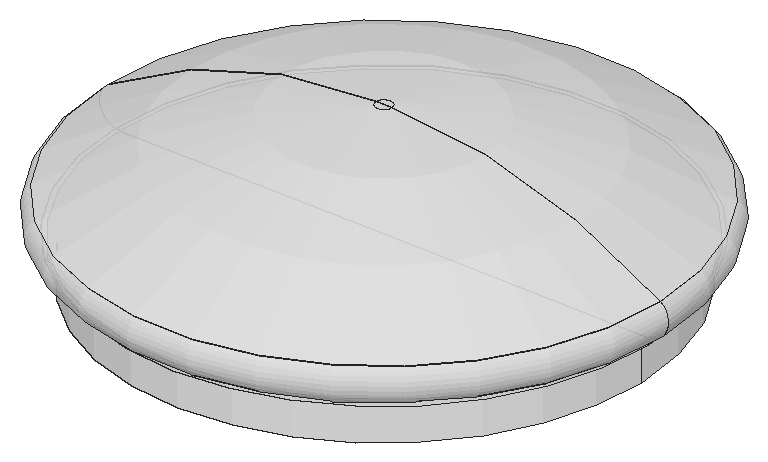
Revit family "0043118 Sylvania Lighting Fixture START ECO SURFACE IP44 MW 2000LM 830", category Lighting Fixtures, host Face, Revit 2016
Family settings
  Host = Face
  Part Type = Normal
  Round Connector Dimension = Use Diameter
  OmniClass Number = 23.80.70.11.17
  OmniClass Title = Specialized Lighting by Location or Use
  Cut with Voids When Loaded = No
  Light Source = Yes
  Shared = No
  Room Calculation Point = No
Parameters (values of type "0043118 START ECO SURFACE IP44 MW 2000LM 830")
  Weight = "kg"
  WarrantyStartDate [instance] = "n/a"
  WarrantyGuarantorParts = "n/a"
  WarrantyDurationUnit = "n/a"
  WarrantyDurationParts = "n/a"
  WarrantyDescription = "n/a"
  Voltage = 230 V
  TypeName = "START ECO SURFACE IP44 MW 2000LM 830"
  SerialNumber [instance] = "n/a"
  Radius_FEILO = 180.0 mm
  Wattage = 24 W
  built-in parameter 1150110 = 1 (stored number, unit not read)
  URL = "http://www.sylvania-lighting.com"
  built-in parameter 1114217 = 1 (stored number, unit not read)
  Tilt Angle = -90°
  built-in parameter 1150109 = 1 (stored number, unit not read)
  built-in parameter 1150134 = (empty or 0)
  built-in parameter 1150113 = 1 (stored number, unit not read)
  PowerFactor = 0.7
  PowerConsumption = "24 W"
  Photometric Web File = "0043118.ies"
  NominalWidth = 0.0 mm
  NominalLength = 360.0 mm
  NominalHeight = 100.0 mm
  Name = "START ECO SURFACE IP44 MW 2000LM 830"
  ModelReference = "START ECO SURFACE IP44 MW 2000LM 830"
  ModelNumber = "0043118"
  Material_4_FEILO = none
  Material_3_FEILO = Polycarbonate_Sylvania_Sylcircle_Opal
  Material_2_FEILO = Metal_Sylvania_Sylcircle_White
  Material_1_FEILO = none
  Material = "aluminium housing, polycarbonate diffuser"
  ManufacturerName = "Feilo Sylvania"
  LuminousEfficacy = "83 lm/W"
  LuminaireType = ""
  LightOutputRatio = "n/a"
  LampsType = Lamp  # "LED"
  LampNominalLuminous = "2000 lm"
  LampMacAdamStep = "6"
  LampColourTemperature = "3000 K"
  LampColourRenderingIndex = "80"
  Keynote = "16500"
  InstallationDate [instance] = "n/a"
  InputVoltage = "220-240V~"
  InputNominalFrequency = "50 Hz"
  IngressProtection = "IP44"
  ImpactProtectionIndex = "IK03"
  IfcExportType = "IfcLightFixtureType"
  IfcExportAs = "IfcLightFixtureType"
  Height_FEILO = 100.0 mm
  ExpectedLife = 50000
  ElectricShockClassification = "Class I"
  DurationUnit = "hours"
  DocumentationLiterature = "http://www.sylvania-lighting.com/product/en-int/products/0043118"
  DimmingControlOptions = "Non dimmable"
  Diameter_FEILO = 2 * Radius_FEILO  # 360.0 mm
  CreatedOn = "8/8/2018"
  CreatedBy = "@sylvania-lighting.com"
  built-in parameter 1114216 [instance] = 1 (stored number, unit not read)
  Model = "START ECO SURFACE IP44 MW 2000LM 830"
  Manufacturer = "Feilo Sylvania"
  built-in parameter 1150105 = 568.53 (stored number, unit not read)
  Lumens = 1992 lm
  built-in parameter 1150115 = 1 (stored number, unit not read)
  built-in parameter 1150137 = (empty or 0)
  built-in parameter 1150139 = (empty or 0)
  built-in parameter 1150112 = 1 (stored number, unit not read)
  built-in parameter 1150114 = 1 (stored number, unit not read)
  Lamp = "LED"
  built-in parameter 1150132 = 2
  built-in parameter 1150102 = (empty or 0)
  built-in parameter 1150107 = 3000 (stored number, unit not read)
  built-in parameter 1150138 = (empty or 0)
  built-in parameter 1150106 = 5.6853 (stored number, unit not read)
  built-in parameter 1150104 = 7.711 (stored number, unit not read)
  Dimming Lamp Color Temperature Shift = <None>
  Description = "Ceiling / wall luminaire with integrated LED,  Perfect solution for hallways, circulation spaces or foyer.  Even and uniform light distribution with a halo lighting effect on the wall surface, 24W, 2000 lumens, Supplied with LED driver (non-dimmable), IK03 PMMA diffuser, Low maintenance with 30,000 hours LED life expectancy, Integral on/off microwave sensor"
  Default Elevation = 0.0 mm
  Color Filter = 16777215
  built-in parameter 1140040 [instance] = 1
  BarCode [instance] = "n/a"
  built-in parameter 1114218 = 1 (stored number, unit not read)
  built-in parameter 1150133 = 10 (stored number, unit not read)
  AssetType = "Fixed"
  AssetIdentifier [instance] = "n/a"
  Assembly Code = "D5020200"
  Apparent Load = 24 VA
Reference planes
  plane 1 "Center (Front/Back)": y = 0
  plane 2: z = 0
  plane 3 "Center (Left/Right)": x = 0
  plane 4: x = 180
  plane 5: z = 23
  plane 6 "Housing Bottom": z = 27
  plane 7: z = 50
  plane 8 "Fixture Bottom": z = 100
  plane 9: x = 175
  plane 10: x = 170
  plane 11: x = 167
  plane 12: x = 163
Forms (mm)
  Revolve 1, solid, material "Polycarbonate_Sylvania_Sylcircle_Opal" <- "Material_3_FEILO", detail levels fine
    sketch origin (0, 0, 0) x (1, 0, 0) y (0, 0, 1)
      loop
        line (0, 100) -> (0, 27) -> (169.962, 27)
        arc (169.962, 27) -> (179.736, 36.911) -> (175, 50) r 13.044
        arc (175, 50) -> (93.6, 87.241) -> (5, 100) r 314
        line (5, 100) -> (0, 100)
      axis (0, 100) -> (0, 27)
    angle from 0 to 360
  Revolve 2, solid, material "Metal_Sylvania_Sylcircle_White" <- "Material_2_FEILO", detail levels fine
    sketch origin (0, 0, 0) x (1, 0, 0) y (0, 0, 1)
      loop
        line (167, 27) -> (0, 27) -> (0, 0) -> (163, 0) -> (163, 23) -> (167, 23) -> (167, 27)
      axis (0, 27) -> (0, 0)
    angle from 0 to 360
  Revolve 3, solid, material "Metal_Sylvania_Sylcircle_White" <- "Material_2_FEILO", detail levels coarse+medium
    sketch origin (0, 0, 0) x (1, 0, 0) y (0, 0, 1)
      loop
        line (0, 100) -> (0, 0) -> (163, 0) -> (163, 23) -> (167, 23) -> (167, 27) -> (169.962, 27)
        arc (169.962, 27) -> (179.736, 36.911) -> (175, 50) r 13.044
        arc (175, 50) -> (93.6, 87.241) -> (5, 100) r 314
        line (5, 100) -> (0, 100)
      axis (0, 100) -> (0, 0)
    angle from 0 to 360
Dimensions and locks
  "Height_FEILO": plane 8 "Fixture Bottom" to plane 2
  "Radius_FEILO": plane 4 to plane 3 "Center (Left/Right)"
  plane 6 "Housing Bottom" to plane 5 to plane 2 = 4.0 mm locked, 23.0 mm locked
  plane 4 to plane 9 to plane 10 to plane 11 to plane 12 = 5.0 mm locked, 5.0 mm locked, 3.0 mm locked, 4.0 mm locked
  aligned and locked: plane 2 to host face
  aligned and locked: level to host face
  aligned and locked: plane 1 "Center (Front/Back)" to imposter light
  aligned and locked: plane 3 "Center (Left/Right)" to imposter light
  aligned and locked: Revolve 1 sketch curve to plane 3 "Center (Left/Right)"
  aligned and locked: plane 6 "Housing Bottom" to Revolve 1 sketch curve  (x2)
  aligned and locked: Revolve 1 sketch curve to plane 8 "Fixture Bottom"
  aligned and locked: plane 9 to Revolve 1 sketch curve
  aligned and locked: Revolve 2 sketch curve to plane 6 "Housing Bottom"
  aligned and locked: Revolve 2 sketch curve to plane 11
  aligned and locked: Revolve 2 sketch curve to plane 5
  aligned and locked: Revolve 2 sketch curve to plane 12
  aligned and locked: Revolve 2 sketch curve to plane 2
  aligned and locked: Revolve 2 sketch curve to plane 3 "Center (Left/Right)"  (x2)
  aligned and locked: plane 8 "Fixture Bottom" to imposter light
  aligned and locked: plane 9 to Revolve 3 sketch curve
  aligned and locked: plane 6 "Housing Bottom" to Revolve 3 sketch curve
  aligned and locked: plane 7 to Revolve 3 sketch curve
  aligned and locked: Revolve 3 sketch curve to imposter light
  aligned and locked: Revolve 3 sketch curve to plane 11
  aligned and locked: Revolve 3 sketch curve to plane 2
  aligned and locked: Revolve 3 sketch curve to plane 5
  aligned and locked: Revolve 3 sketch curve to plane 12
Automatic sketch dimensions
  host sketch curve to host sketch curve = 1305.563 mm
  host sketch curve to host sketch curve = 1283.632 mm
  Revolve 1 sketch curve to plane 3 "Center (Left/Right)" = 0.0 mm
  Revolve 1 sketch curve to plane 7 = 0.0 mm
  Revolve 1 sketch curve to plane 10 = 0.038 mm
  plane 3 "Center (Left/Right)" to Revolve 1 sketch curve = 5.0 mm
  Revolve 1 sketch curve to plane 10 = 3.007 mm
  Revolve 1 sketch curve to Revolve 1 sketch curve = 234.06 mm
  Revolve 1 sketch curve to Revolve 1 sketch curve = 2559.943 mm
  Revolve 2 sketch curve to level = 372.274 mm
  plane 8 "Fixture Bottom" to Revolve 2 sketch curve = 2559.943 mm
  Revolve 3 sketch curve to plane 3 "Center (Left/Right)" = 0.0 mm  (x2)
  plane 3 "Center (Left/Right)" to Revolve 3 sketch curve = 5.0 mm
  Revolve 3 sketch curve to plane 10 = 0.038 mm
  Revolve 3 sketch curve to plane 11 = 0.007 mm
  Revolve 3 sketch curve to Revolve 3 sketch curve = 234.06 mm
  Revolve 3 sketch curve to Revolve 3 sketch curve = 2559.943 mm
Connectors
  electrical at (0, 0, 0), driven by "Apparent Load", driven by "Voltage", driven by "PowerFactor"
    settings: on Revolve 2, index 1, voltage 230 V, apparent load 0 VA, apparent load phase1 24 VA, apparent load phase2 0 VA, apparent load phase3 0 VA, power factor 0.7, load classification "Lighting", number of poles 1, system type 31, power factor state 1, is connector primary yes, connector utility no, sub classification motor no, connector description ""
